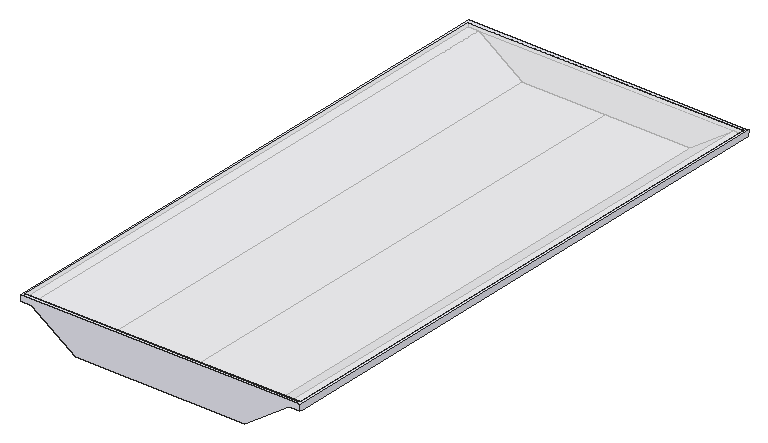
Revit family "JT8-24", category Lighting Fixtures, host Face, Revit 2012
Parameters (values of type "JT824-232G-FSA12")
  Wattage Comments = "28-51 W"
  Wattage = 9.2903 W
  built-in parameter 1150110 = 1 (stored number, unit not read)
  URL = "http://www.columbialighting.com/"
  built-in parameter 1114217 = 1 (stored number, unit not read)
  Tilt Angle = 90.00°
  built-in parameter 1150109 = 1 (stored number, unit not read)
  built-in parameter 1150134 = 3
  built-in parameter 1150113 = 1 (stored number, unit not read)
  Product Specification Sheet = "http://www.columbialighting.com/products/jt8"
  Product Page URL = "http://www.columbialighting.com/content/products/specs/specs_files/jt824_4.pdf"
  Photometric Web File = "13121.IES"
  Model = "JT8 24"  # constant formula
  Manufacturer Phone = "(864)-678-1000"  # constant formula
  Manufacturer Fax = "(864)-678-1065"  # constant formula
  Manufacturer = "Columbia Lighting"  # constant formula
  built-in parameter 1150105 = 109.82 (stored number, unit not read)
  Lumens = 1380 lm
  built-in parameter 1150115 = 1 (stored number, unit not read)
  built-in parameter 1150137 = (empty or 0)
  built-in parameter 1150139 = (empty or 0)
  built-in parameter 1150112 = 1 (stored number, unit not read)
  built-in parameter 1150114 = 1 (stored number, unit not read)
  Lamp = "Four"
  built-in parameter 1150132 = (empty or 0)
  built-in parameter 1150102 = (empty or 0)
  built-in parameter 1150107 = 3200 (stored number, unit not read)
  built-in parameter 1150138 = (empty or 0)
  built-in parameter 1150106 = 1.0982 (stored number, unit not read)
  Glass = Glass
  Finish = Steel
  Emit from Line Length = 24"
  built-in parameter 1150104 = 13.8 (stored number, unit not read)
  Dimming Lamp Color Temperature Shift = <None>
  Description = "Dedicated T8 Lensed Troffer"  # constant formula
  Default Elevation = 48"
  Color Filter = 16777215
  built-in parameter 1114218 = 1 (stored number, unit not read)
  built-in parameter 1150133 = 10 (stored number, unit not read)
  Apparent Load = 0 VA
Types (4): name | Photometric Web File
  (no name) | "13121.IES"
  JT824-232G-FSA12 | "13121.IES"
  JT824-332G-FSA12 | "13120.IES"
  JT824-432G-FSA12 | "I52515.IES"
Reference planes (in)
  plane 1 "Center (Front/Back)": y = 0
  plane 2: z = 0
  plane 3 "Center (Left/Right)": x = 0
  plane 4: x = -12
  plane 5: x = 12
  plane 6: y = 24
  plane 7: y = -24
  plane 8: z = -3.125
  plane 9: y = 23.75
  plane 10: y = -23.75
Forms (in)
  Extrusion 1, void
    sketch origin (0.5, -180, 2.21291) x (0, -1, 0) y (1, 0, 0)
      loop
        line (-204, -12.5) -> (-156, -12.5) -> (-156, 11.5) -> (-204, 11.5) -> (-204, -12.5)
    from -2.21291 to -5.33791
  Extrusion 2, solid, material "Steel" <- "Finish"
    sketch origin (0, 0, -3.125) x (-1, 0, 0) y (0, 0, -1)
      loop
        line (12, -3.125) -> (12, -2.625) -> (11, -2.625) -> (7.25111, 0) -> (-7.25111, 0) -> (-11, -2.625) -> (-12, -2.625) -> (-12, -3.125) -> (-11.80078, -3.125) -> (-11.80078, -2.82422) -> (-10.93719, -2.82422) -> (-7.1883, -0.19922) -> (0, -0.19922) -> (7.1883, -0.19922) -> (10.93719, -2.82422) -> (11.80078, -2.82422) -> (11.80078, -3.125) -> (12, -3.125)
    from -24 to 24
  Extrusion 3, solid, material "Glass" <- "Glass"
    sketch origin (0, 0, 4.25) x (-1, 0, 0) y (0, 0, -1)
      loop
        line (-11.80078, 4.25) -> (11.80078, 4.25) -> (11.80078, 4.55078) -> (-11.80078, 4.55078) -> (-11.80078, 4.25)
    from -23.75 to 23.75
  Extrusion 4, solid, material "Steel" <- "Finish"
    sketch origin (-0.125, 0, -3.125) x (-1, 0, 0) y (0, 0, 1)
      loop
        line (-7.37611, 0) -> (0, 0) -> (7.12611, 0) -> (10.875, 2.625) -> (11.875, 2.625) -> (11.875, 3.125) -> (11.80078, 3.125) -> (-11.80078, 3.125) -> (-12.125, 3.125) -> (-12.125, 2.625) -> (-11.125, 2.625) -> (-7.37611, 0)
    from 23.75 to 24
  Extrusion 5, solid, material "Steel" <- "Finish"
    sketch origin (-0.125, 0, -3.125) x (-1, 0, 0) y (0, 0, -1)
      loop
        line (-7.37611, 0) -> (-11.125, -2.625) -> (-12.125, -2.625) -> (-12.125, -3.125) -> (-11.80078, -3.125) -> (11.80078, -3.125) -> (11.875, -3.125) -> (11.875, -2.625) -> (10.875, -2.625) -> (7.12611, 0) -> (0, 0) -> (-7.37611, 0)
    from 23.75 to 24
Cuts and joins
  joined: Extrusion 2, Extrusion 4, Extrusion 5
Dimensions and locks (in)
  locked: plane 7 to plane 1 "Center (Front/Back)" at 24
  locked: plane 6 to plane 1 "Center (Front/Back)" at 24
  locked: plane 4 to plane 3 "Center (Left/Right)" at 12
  locked: plane 8 to plane 2 at 3.125
  locked: plane 5 to plane 3 "Center (Left/Right)" at 12
  locked: Extrusion 2 sketch curve to Extrusion 2 sketch curve at 1
  aligned and locked: host face to plane 2
  aligned and locked: level to host face
  aligned and locked: Extrusion 1 sketch curve to plane 6
  aligned and locked: Extrusion 1 sketch curve to plane 4
  aligned and locked: Extrusion 1 sketch curve to plane 7
  aligned and locked: Extrusion 1 sketch curve to plane 5
  aligned and locked: plane 2 to Extrusion 1
  aligned and locked: Extrusion 1 to plane 8
  aligned and locked: Extrusion 2 to plane 6
  aligned and locked: Extrusion 3 sketch curve to Extrusion 2  (x2)
  aligned and locked: plane 10 to Extrusion 3
  aligned and locked: Extrusion 3 to cut or joined group of Extrusion 2, Extrusion 4, Extrusion 5
  aligned and locked: Extrusion 4 to plane 4
  aligned and locked: Extrusion 4 to Extrusion 2  (x2)
  aligned and locked: imposter light to cut or joined group of Extrusion 2, Extrusion 4, Extrusion 5
  aligned and locked: imposter light to plane 1 "Center (Front/Back)"
Connectors (in)
  electrical at (0, 0, -3.125), driven by "Description"
    settings: on cut or joined group of Extrusion 2, Extrusion 4, Extrusion 5, index 1, voltage 0 V, apparent load 0 VA, apparent load phase1 0 VA, apparent load phase2 0 VA, apparent load phase3 0 VA, power factor 1, load classification "Other", number of poles 1, system type 30, power factor state 1, is connector primary yes, connector utility no, sub classification motor no, connector description "Dedicated T8 Lensed Troffer"
